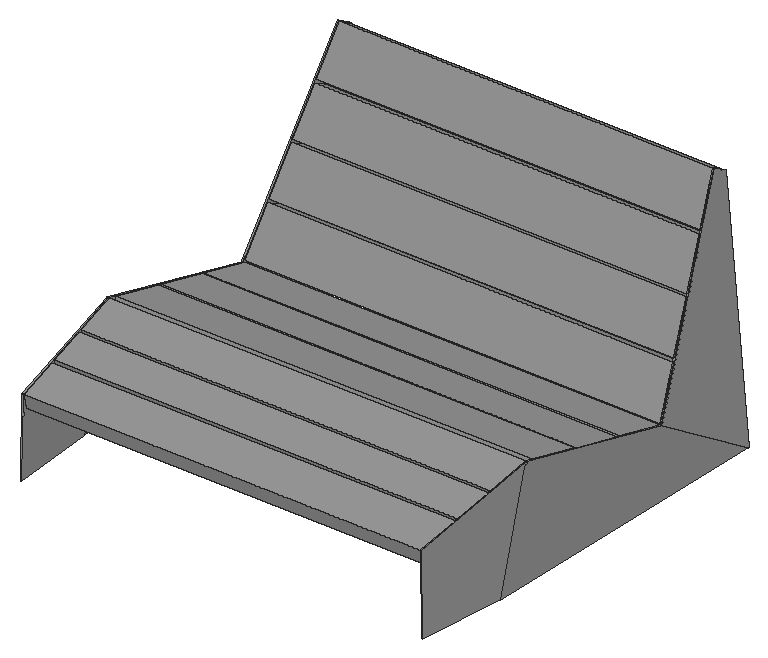
Revit family "13983 Шезлонг «Монс» Хоббика", category Антураж, Revit 2018
Family settings
  На основе рабочей плоскости = Нет
  Всегда вертикально = Да
  При загрузке вырезать с полостями = Нет
  Источник визуального образа = Геометрия семейства
  Общий = Нет
  Точка расчета площади = Нет
Parameters (values of type "Шезлонг «Монс»")
  Ширина = 1365 mm  # constant formula
  Цвет каркаса = Сталь
  Описание = "Шезлонг «Монс»"  # constant formula
  Материал изделия = "Сталь, дерево"  # constant formula
  Изображение типоразмера = Шезлонг «Монс» Арт 13983.jpg
  Изготовитель = "ООО «Хоббика"  # constant formula
  Длина = 1444 mm  # constant formula
  Группа модели = "Лежаки и шезлонги"  # constant formula
  Высота = 895 mm  # constant formula
  Артикул товара = "Арт. 13983"  # constant formula
  URL = "https://hobbyka.ru/product/shezlong_vulkan"
Reference planes
  plane 1 "По центру (Вперед/Назад)": y = 0
  plane 2: z = 0
  plane 3 "По центру (Влево/Вправо)": x = 0
  plane 4: x = 1444
  plane 5: y = 1365
  plane 6: z = 895
Forms (mm)
  Extrusion 1, solid, material "Сталь" <- "Цвет каркаса"
    sketch origin (-76.939, 2.72, 1.994) x (0.05438, 0.99852, 0) y (0.087027, -0.00474, 0.996195)
      loop
        line (1315, 895) -> (991.859, 264.297) -> (1365, 31.132) -> (1365, 866.132) -> (1315, 895)
    from 0 to 5
  Extrusion 2, solid, material "Сталь" <- "Цвет каркаса"
    sketch origin (0, 0, 0) x (0, 1, 0) y (0, 0, 1)
      loop
        line (991.859, 264.297) -> (409.681, 409.45) -> (301.201, 31.132) -> (1365, 31.132) -> (991.859, 264.297)
    from 0 to 5
  Extrusion 3, solid, material "Сталь" <- "Цвет каркаса"
    sketch origin (28.352, 1.146, 1.714) x (-0.086944, 0.996195, -0.006065) y (0.017294, 0.007596, 0.999822)
      loop
        line (409.681, 409.45) -> (0, 299.676) -> (0, 31.132) -> (301.201, 31.132) -> (409.681, 409.45)
    from 0 to 5
  Extrusion 4, solid, material "Сталь" <- "Цвет каркаса"
    sketch origin (1520.939, 2.72, 1.994) x (-0.05438, 0.99852, 0) y (0.087027, 0.00474, -0.996195)
      loop
        line (1315, -895) -> (1365, -866.132) -> (1365, -31.132) -> (991.859, -264.297) -> (1315, -895)
    from 0 to 5
  Extrusion 5, solid, material "Сталь" <- "Цвет каркаса"
    sketch origin (1444, 0, 0) x (0, 1, 0) y (0, 0, -1)
      loop
        line (991.859, -264.297) -> (1365, -31.132) -> (301.201, -31.132) -> (409.681, -409.45) -> (991.859, -264.297)
    from 0 to 5
  Extrusion 6, solid, material "Сталь" <- "Цвет каркаса"
    sketch origin (1415.648, 1.146, 1.714) x (0.086944, 0.996195, -0.006065) y (0.017294, -0.007596, -0.999822)
      loop
        line (409.681, -409.45) -> (301.201, -31.132) -> (0, -31.132) -> (0, -299.676) -> (409.681, -409.45)
    from 0 to 5
  Extrusion 7, solid, material "Дерево"
    sketch origin (0, 0, 0) x (0, 1, 0) y (0, 0, 1)
      loop
        line (993.753, 269.009) -> (1036.32, 242.41) -> (1115.333, 397.707) -> (1070.77, 420.381) -> (993.753, 269.009)
      loop
        line (991.859, 264.297) -> (817.206, 307.843) -> (805.11, 259.328) -> (979.763, 215.782) -> (991.859, 264.297)
      loop
        line (3.423, 301.337) -> (16.108, 252.973) -> (151.527, 288.493) -> (138.841, 336.857) -> (3.423, 301.337)
      loop
        line (1311.533, 893.588) -> (1234.211, 741.616) -> (1278.775, 718.943) -> (1354.944, 868.651) -> (1311.533, 893.588)
      loop
        line (1274.24, 710.03) -> (1229.676, 732.704) -> (1154.854, 585.644) -> (1199.417, 562.97) -> (1274.24, 710.03)
      loop
        line (1194.883, 554.058) -> (1150.319, 576.731) -> (1075.305, 429.293) -> (1119.868, 406.62) -> (1194.883, 554.058)
      loop
        line (807.503, 310.262) -> (632.849, 353.808) -> (620.753, 305.293) -> (795.407, 261.747) -> (807.503, 310.262)
      loop
        line (623.146, 356.227) -> (439.511, 402.013) -> (427.415, 353.498) -> (611.05, 307.712) -> (623.146, 356.227)
      loop
        line (412.714, 408.694) -> (277.295, 373.174) -> (289.981, 324.81) -> (425.4, 360.33) -> (412.714, 408.694)
      loop
        line (267.622, 370.636) -> (148.514, 339.394) -> (161.2, 291.03) -> (280.308, 322.272) -> (267.622, 370.636)
    from 5 to 1439
  Extrusion 8, void
    sketch origin (28.352, 1.146, 1.714) x (-0.086944, 0.996195, -0.006065) y (0.017294, 0.007596, 0.999822)
      loop
        line (301.18, 31.132) -> (409.409, 419.008) -> (0, 309.307) -> (0, 31.132) -> (301.18, 31.132)
    from -61.581 to 5
  Extrusion 9, void
    sketch origin (0, 991.859, 265.285) x (0, -0.453469, -0.891272) y (-1, 0, 0)
      loop
        line (0.254, -1439) -> (-704.951, -1366.513) -> (-704.951, -1439) -> (0.254, -1439)
      loop
        line (-704.951, -5) -> (-704.951, -77.487) -> (0.254, -5) -> (-704.951, -5)
    from 50 to -0.044
  Extrusion 10, void
    sketch origin (1415.648, 1.146, 1.714) x (0.086944, 0.996195, -0.006065) y (0.017294, -0.007596, -0.999822)
      loop
        line (301.18, -31.132) -> (0, -31.132) -> (0, -309.307) -> (409.409, -419.008) -> (301.18, -31.132)
    from -61.581 to 5
Cuts and joins
  Extrusion 8, Extrusion 9, Extrusion 10 cuts Extrusion 7
  Extrusion 10 cuts Extrusion 2
  Extrusion 10 cuts Extrusion 3
Dimensions and locks
  "Длина": plane 3 "По центру (Влево/Вправо)" to plane 4
  "Ширина": plane 5 to plane 1 "По центру (Вперед/Назад)"
  "Высота": plane 6 to plane 2
  aligned and locked: level to plane 2
Automatic sketch dimensions
  Extrusion 1 sketch curve to Extrusion 1 sketch curve = 323.141 mm
  Extrusion 1 sketch curve to Extrusion 1 sketch curve = 373.141 mm
  Extrusion 1 sketch curve to Extrusion 1 sketch curve = 233.164 mm
  Extrusion 1 sketch curve to Extrusion 1 sketch curve = 601.836 mm
  Extrusion 1 sketch curve to Extrusion 1 sketch curve = 28.868 mm
  Extrusion 2 sketch curve to plane 5 = 0 mm
  Extrusion 2 sketch curve to plane 5 = 373.141 mm
  Extrusion 2 sketch curve to plane 1 "По центру (Вперед/Назад)" = 409.681 mm
  level to Extrusion 2 sketch curve = 31.132 mm
  Extrusion 2 sketch curve to plane 1 "По центру (Вперед/Назад)" = 301.201 mm
  level to Extrusion 2 sketch curve = 264.297 mm
  Extrusion 2 sketch curve to Extrusion 2 sketch curve = 378.318 mm
  Extrusion 3 sketch curve to Extrusion 3 sketch curve = 301.201 mm
  Extrusion 3 sketch curve to Extrusion 3 sketch curve = 108.481 mm
  Extrusion 3 sketch curve to Extrusion 3 sketch curve = 268.544 mm
  Extrusion 3 sketch curve to Extrusion 3 sketch curve = 378.318 mm
  Extrusion 4 sketch curve to Extrusion 4 sketch curve = 323.141 mm
  Extrusion 4 sketch curve to Extrusion 4 sketch curve = 373.141 mm
  Extrusion 4 sketch curve to Extrusion 4 sketch curve = 28.868 mm
  Extrusion 4 sketch curve to Extrusion 4 sketch curve = 601.836 mm
  Extrusion 4 sketch curve to Extrusion 4 sketch curve = 233.164 mm
  Extrusion 5 sketch curve to plane 5 = 0 mm
  Extrusion 5 sketch curve to plane 5 = 373.141 mm
  Extrusion 5 sketch curve to plane 1 "По центру (Вперед/Назад)" = 409.681 mm
  level to Extrusion 5 sketch curve = 31.132 mm
  Extrusion 5 sketch curve to plane 1 "По центру (Вперед/Назад)" = 301.201 mm
  level to Extrusion 5 sketch curve = 264.297 mm
  Extrusion 5 sketch curve to Extrusion 5 sketch curve = 378.318 mm
  Extrusion 6 sketch curve to Extrusion 6 sketch curve = 301.201 mm
  Extrusion 6 sketch curve to Extrusion 6 sketch curve = 108.481 mm
  Extrusion 6 sketch curve to Extrusion 6 sketch curve = 109.774 mm
  Extrusion 6 sketch curve to Extrusion 6 sketch curve = 268.544 mm
  Extrusion 7 sketch curve to plane 1 "По центру (Вперед/Назад)" = 3.423 mm
  Extrusion 7 sketch curve to plane 1 "По центру (Вперед/Назад)" = 16.108 mm
  Extrusion 7 sketch curve to plane 1 "По центру (Вперед/Назад)" = 138.841 mm
  Extrusion 7 sketch curve to Extrusion 7 sketch curve = 9.673 mm  (x4)
  Extrusion 7 sketch curve to Extrusion 7 sketch curve = 119.108 mm
  Extrusion 7 sketch curve to Extrusion 7 sketch curve = 135.419 mm
  Extrusion 7 sketch curve to Extrusion 7 sketch curve = 2.015 mm
  level to Extrusion 7 sketch curve = 402.013 mm
  Extrusion 7 sketch curve to Extrusion 7 sketch curve = 26.797 mm
  level to Extrusion 7 sketch curve = 307.712 mm
  Extrusion 7 sketch curve to Extrusion 7 sketch curve = 183.636 mm
  Extrusion 7 sketch curve to Extrusion 7 sketch curve = 9.703 mm  (x4)
  level to Extrusion 7 sketch curve = 353.808 mm
  level to Extrusion 7 sketch curve = 261.747 mm
  Extrusion 7 sketch curve to Extrusion 7 sketch curve = 174.653 mm
  level to Extrusion 7 sketch curve = 259.328 mm
  level to Extrusion 7 sketch curve = 307.843 mm
  level to Extrusion 7 sketch curve = 215.782 mm
  Extrusion 7 sketch curve to Extrusion 7 sketch curve = 1.895 mm
  Extrusion 7 sketch curve to Extrusion 7 sketch curve = 44.461 mm
  Extrusion 7 sketch curve to Extrusion 7 sketch curve = 77.016 mm
  Extrusion 7 sketch curve to Extrusion 7 sketch curve = 4.535 mm  (x6)
  Extrusion 7 sketch curve to Extrusion 7 sketch curve = 44.564 mm
  Extrusion 7 sketch curve to Extrusion 7 sketch curve = 75.015 mm
  Extrusion 7 sketch curve to plane 5 = 135.324 mm
  Extrusion 7 sketch curve to plane 6 = 1.412 mm
  Extrusion 7 sketch curve to plane 5 = 53.467 mm
  Extrusion 7 sketch curve to plane 5 = 10.056 mm
  Extrusion 7 sketch curve to Extrusion 7 sketch curve = 21.887 mm
  level to Extrusion 7 sketch curve = 252.973 mm
  Extrusion 7 sketch curve to Extrusion 7 sketch curve = 4.712 mm
  Extrusion 7 sketch curve to Extrusion 7 sketch curve = 35.521 mm
  Extrusion 7 sketch curve to Extrusion 7 sketch curve = 2.537 mm  (x2)
  Extrusion 7 sketch curve to Extrusion 7 sketch curve = 31.242 mm
  Extrusion 7 sketch curve to Extrusion 7 sketch curve = 6.832 mm
  Extrusion 7 sketch curve to Extrusion 7 sketch curve = 8.913 mm  (x5)
  Extrusion 3 to Extrusion 8 sketch curve = 0 mm
  Extrusion 8 sketch curve to Extrusion 3 = 0 mm
  Extrusion 3 to Extrusion 8 sketch curve = 301.18 mm
  Extrusion 8 sketch curve to Extrusion 8 sketch curve = 108.23 mm
  Extrusion 8 sketch curve to Extrusion 8 sketch curve = 278.175 mm
  Extrusion 3 to Extrusion 8 sketch curve = 387.876 mm
  Extrusion 7 to Extrusion 9 sketch curve = 0 mm  (x2)
  Extrusion 9 sketch curve to Extrusion 7 = 0 mm  (x2)
  Extrusion 9 sketch curve to Extrusion 7 = 534.694 mm  (x2)
  Extrusion 9 sketch curve to Extrusion 9 sketch curve = 72.487 mm
  Extrusion 9 sketch curve to Extrusion 7 = 72.487 mm
  Extrusion 10 sketch curve to Extrusion 10 sketch curve = 301.18 mm
  Extrusion 10 sketch curve to Extrusion 10 sketch curve = 108.23 mm
  Extrusion 10 sketch curve to Extrusion 10 sketch curve = 109.701 mm
  Extrusion 10 sketch curve to Extrusion 10 sketch curve = 278.175 mm
